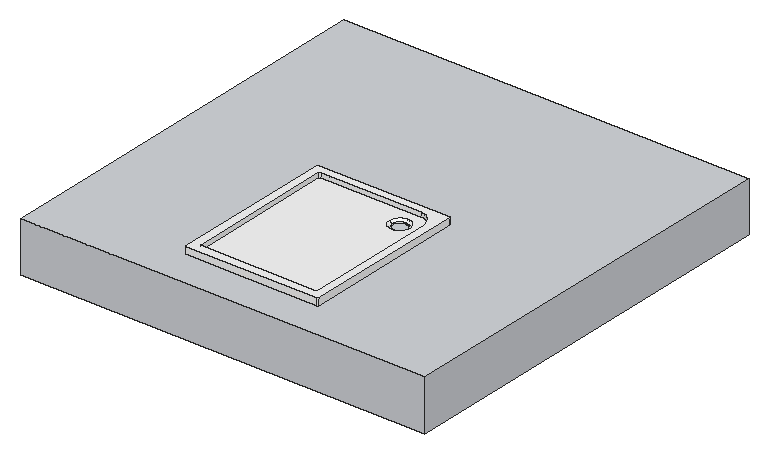
Revit family "IS_ConnectAir_E1053_BIM_DE", category Plumbing Fixtures, host Face, Revit 2014
Parameters (values of type "E105301 - Connect Air rectangular shower tray")
  WarrantyStartDate [instance] = "1900-12-31T23:59:59"
  WarrantyGuarantorParts = "idealstandard.de@idealstandard.com"
  WarrantyGuarantorLabor = "n/a"
  WarrantyDurationUnit = "year"
  WarrantyDurationParts = "n/a"
  WarrantyDurationLabor = "n/a"
  WarrantyDescription = "Manufacturers Warranty"
  VolumeUnits = "Litres"
  Version = "1"
  Uniclass2015Version = "Products v1.1"
  Uniclass2015Title = "Shower trays"
  Uniclass2015Code = "Pr_40_20_06_84"
  URL = "www.idealstandard.com"
  Type Comments = "n/a"
  TagNumber [instance] = "n/a"
  TMV3 = no
  SustainabilityPerformance = "n/a"
  SpareParts = "www.idealstandard.de/ersatzteile"
  Space = "Internal"
  Size = "1000x800x45mm"
  ShowerType = "n/a"
  ShowerHeadDescription = "n/a"
  Shape = "Rectangular"
  SerialNumber [instance] = "n/a"
  Revision = "n/a"
  ReplacementCost = "n/a"
  ProductInformation = "www.idealstandard.de/produkte"
  Phone = "+49228 5210"
  NominalWidth = 800 mm
  NominalLength = 1000 mm
  NominalHeight = 40 mm
  NettWeight = "21 kg"
  Name = "ShowerTrays_ConnectAir_E105301_IdealStandard"
  NBSTypeID = "n/a"
  NBSReference = "45-35-70/336"
  NBSOfficeMasterTag = "n/a"
  NBSNote = "n/a"
  NBSDescription = "Shower trays"
  NBSCertification = "n/a"
  ModelReference = Description  # "Connect Air rectangular shower tray"
  ModelNumber = Model  # "E105301"
  MaterialThickness = 0 mm
  Material = "Acrylic"
  ManufacturerURL = "www.idealstandard.com"
  LinearUnits = "millimeters"
  Keynote = "n/a"
  InstallationInstructions = "www.idealstandard.de/produkte"
  InstallationDate [instance] = "1900-12-31T23:59:59"
  IfcExportType = "SHOWER"
  IfcExportAs = "IfcSanitaryTerminalType"
  Help = "idealstandard.de@idealstandard.com"
  HasTray = yes
  HWFU = 0
  GrossWeight = "n/a"
  Grade = "n/a"
  Finish = "white"
  Features = "Connect Air rectangular shower tray"
  ExpectedLife = "25"
  DurationUnit = "year"
  DrainSize = 90 mm
  CurrencyUnit = "n/a"
  CreatedOn = "2016-11-09"
  Cost = 0
  Constituents = "n/a"
  ConnectionType = "Plumbing"
  Color = "White"
  CodePerformance = "DIN EN 14527, DIN EN 251, DIN EN 249"
  Category = "SanitaryTerminal_SHOWER"
  Reference = "n/a"
  Model = "E105301"
  Manufacturer = "idealstandard.de@idealstandard.com"
  Description = "Connect Air rectangular shower tray"
  Default Elevation = 0 mm
  CWFU = 0
  Brand = "Ideal Standard"
  BarCode = "5017830518655"
  BIMObjectName = "ISI_IdealStandard_ShowerTrays_ConnectAir_E105301"
  Author = "Ideal Standard GmbH"
  AssetType = "Fixed"
  AssetIdentifier [instance] = "n/a"
  Assembly Code = "C1030200"
  AreaUnits = "millimeters"
  AreaMeasurement = "n/a"
  Accessories = "www.idealstandard.de\\ersatzteile"
  AccessibilityPerformance = "n/a"
Reference planes
  plane 1 "Center (Front/Back)": y = 0
  plane 2: z = 0
  plane 3 "Center (Left/Right)": x = 0
  plane 4: x = 400
  plane 5: y = -1000
  plane 6: x = -400
  plane 7: x = 350
  plane 8: y = -50
  plane 9: y = -950
  plane 10: x = -350
  plane 11: z = 40
  plane 12: z = 15
  plane 13: x = 230
  plane 14: y = -170
Forms (mm)
  Extrusion 1, solid
    sketch origin (0, 0, 0) x (1, 0, 0) y (0, 1, 0)
      loop
        line (-1219.2, 1219.2) -> (-1219.2, -1219.2) -> (1219.2, -1219.2) -> (1219.2, 1219.2) -> (-1219.2, 1219.2)
    from 0 to -304.8
  Extrusion 2, solid, material "IS_RenderMaterial_VitreousChina"
    sketch origin (0, 0, 0) x (1, 0, 0) y (0, 1, 0)
      loop
        arc (-394, 0) -> (-398.243, -1.757) -> (-400, -6) r 6
        line (-400, -6) -> (-400, -994)
        arc (-400, -994) -> (-398.243, -998.243) -> (-394, -1000) r 6
        line (-394, -1000) -> (394, -1000)
        arc (394, -1000) -> (398.243, -998.243) -> (400, -994) r 6
        line (400, -994) -> (400, -6)
        arc (400, -6) -> (398.243, -1.757) -> (394, 0) r 6
        line (394, 0) -> (-394, 0)
    from 0 to 40
  Extrusion 3, void
    sketch origin (0, 0, 40) x (0, 1, 0) y (1, 0, 0)
      loop
        line (-50, -340) -> (-50, 260)
        arc (-50, 260) -> (-76.36, 323.64) -> (-140, 350) r 90
        line (-140, 350) -> (-940, 350)
        arc (-940, 350) -> (-947.071, 347.071) -> (-950, 340) r 10
        line (-950, 340) -> (-950, -340)
        arc (-950, -340) -> (-947.071, -347.071) -> (-940, -350) r 10
        line (-940, -350) -> (-60, -350)
        arc (-60, -350) -> (-52.929, -347.071) -> (-50, -340) r 10
    from 0 to 25
  Revolve 4, void
    sketch origin (175.589, -170, 1219.2) x (-1, 0, 0) y (0, 0, 1)
      loop
        line (-54.411, -1219.2) -> (-54.411, -1204.2) -> (-116.454, -1204.2) -> (-99.411, -1215.216) -> (-99.411, -1219.2) -> (-54.411, -1219.2)
      loop
        line (-109.411, -1219.2) -> (-117.809, -1213.771) -> (-127.809, -1213.771) -> (-133.237, -1219.2) -> (-109.411, -1219.2)
      axis (-54.411, -1204.2) -> (-54.411, -1219.2)
    angle from 0 to 360
Cuts and joins
  Extrusion 3, Revolve 4 cuts Extrusion 2
Dimensions and locks
  "NominalWidth": plane 6 to plane 4
  "NominalHeight": plane 11 to Extrusion 1
  "NominalLength": plane 1 "Center (Front/Back)" to plane 5
  aligned and locked: plane 2 to Extrusion 1
  aligned and locked: level to Extrusion 1
  aligned and locked: plane 1 "Center (Front/Back)" to Extrusion 2 sketch curve
  aligned and locked: Extrusion 2 sketch curve to plane 6
  aligned and locked: plane 5 to Extrusion 2 sketch curve
  aligned and locked: Extrusion 2 sketch curve to plane 4
  aligned and locked: Extrusion 2 to plane 11
  aligned and locked: Extrusion 3 sketch curve to plane 8
  aligned and locked: plane 10 to Extrusion 3 sketch curve
  aligned and locked: plane 9 to Extrusion 3 sketch curve
  aligned and locked: plane 7 to Extrusion 3 sketch curve
  aligned and locked: Extrusion 3 to plane 12
Automatic sketch dimensions
  Extrusion 1 sketch curve to Extrusion 1 sketch curve = 2438.4 mm  (x2)
  Extrusion 2 sketch curve to plane 6 = 6 mm
  Extrusion 2 sketch curve to Extrusion 2 sketch curve = 6 mm  (x3)
  Extrusion 3 sketch curve to Extrusion 3 sketch curve = 10 mm  (x3)
  Extrusion 3 sketch curve to Extrusion 3 sketch curve = 90 mm
  Revolve 4 sketch curve to level = 0 mm  (x2)
  Revolve 4 sketch curve to plane 12 = 0 mm
  Revolve 4 sketch curve to plane 13 = 0 mm  (x2)
  level to Revolve 4 sketch curve = 3.984 mm
  plane 13 to Revolve 4 sketch curve = 45 mm
  Revolve 4 sketch curve to Revolve 4 sketch curve = 10 mm  (x2)
  Revolve 4 sketch curve to Revolve 4 sketch curve = 7.043 mm
  level to Revolve 4 sketch curve = 5.429 mm
  Revolve 4 sketch curve to Revolve 4 sketch curve = 1.355 mm
  Revolve 4 sketch curve to Revolve 4 sketch curve = 5.429 mm
  Revolve 4 sketch curve to level = 6.424 mm
  Revolve 4 sketch curve to Revolve 4 sketch curve = 3.576 mm
Connectors
  piping at (230, -170, 0), diameter 90
    settings: on cut or joined group of Extrusion 2, Extrusion 3, Revolve 4, index 1, connector inside diameter 24", connector length 0 mm, flow factor 0, pipe flow 0 GPM, pressure drop 0.00 psi, fitting loss kfactor 0, connector angle 0.00°, fixture units 0, engagement length 0 mm, angle of deflection 0.00°, flow configuration 2, flow direction 2, fitting loss method 0, system type 16, joint type 0, gender type 0, connector reference index -1, connector utility 0, adjustable connector no, is connector primary yes, connector description ""
